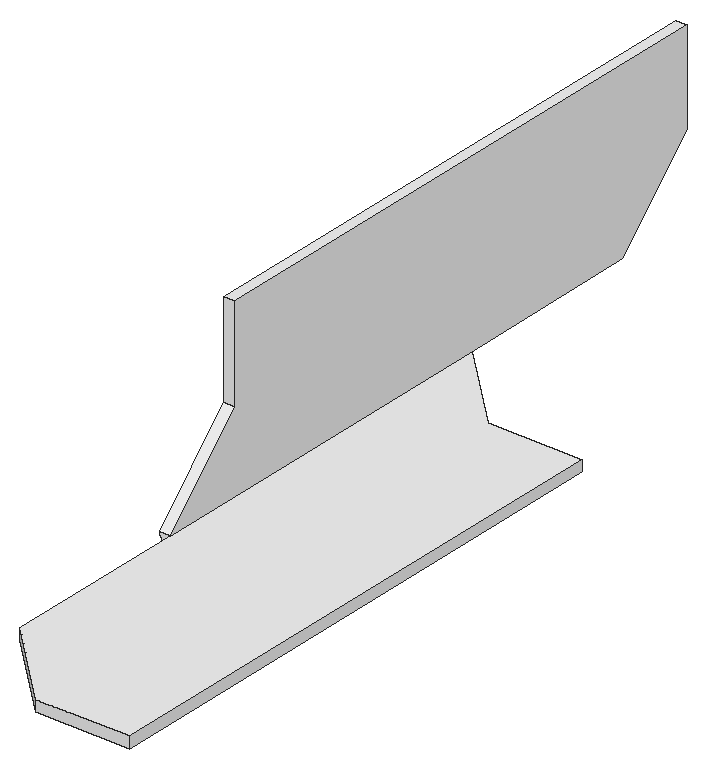
Revit family "JOMA_Takåsfäste Höger", category Structural Connections, host Face, Revit 2012 (continued)
Nested families
  nested 155: "Spikmönster" at (0, 147.5, 552) x (0, -1, 0) z (1, 0, 0), visible <- "Typ 210 Spikmönster", type "Ø5", not visible
  nested 156: "Spikmönster" at (0, 127.5, 552) x (0, -1, 0) z (1, 0, 0), visible <- "Typ 210 Spikmönster", type "Ø5", not visible
  nested 157: "Spikmönster" at (0, 117.5, 27) x (0, -1, 0) z (1, 0, 0), visible <- "Typ 250 Spikmönster", type "Ø5"
  nested 158: "Spikmönster" at (0, 97.5, 27) x (0, -1, 0) z (1, 0, 0), visible <- "Typ 250 Spikmönster", type "Ø5"
  nested 159: "Spikmönster" at (0, 77.5, 27) x (0, -1, 0) z (1, 0, 0), visible <- "Typ 250 Spikmönster", type "Ø5"
  nested 160: "Spikmönster" at (0, 57.5, 27) x (0, -1, 0) z (1, 0, 0), visible <- "Typ 250 Spikmönster", type "Ø5"
  nested 161: "Spikmönster" at (0, 37.5, 27) x (0, -1, 0) z (1, 0, 0), visible <- "Typ 250 Spikmönster", type "Ø5"
  nested 162: "Spikmönster" at (0, 107.5, 12) x (0, -1, 0) z (1, 0, 0), visible <- "Typ 250 Spikmönster", type "Ø5"
  nested 163: "Spikmönster" at (0, 87.5, 12) x (0, -1, 0) z (1, 0, 0), visible <- "Typ 250 Spikmönster", type "Ø5"
  nested 164: "Spikmönster" at (0, 67.5, 12) x (0, -1, 0) z (1, 0, 0), visible <- "Typ 250 Spikmönster", type "Ø5"
  nested 165: "Spikmönster" at (0, 47.5, 12) x (0, -1, 0) z (1, 0, 0), visible <- "Typ 250 Spikmönster", type "Ø5"
  nested 166: "Spikmönster" at (0, 177.5, 472) x (0, -1, 0) z (1, 0, 0), visible <- "Typ 250 Spikmönster", type "Ø5", not visible
  nested 167: "Spikmönster" at (0, 157.5, 472) x (0, -1, 0) z (1, 0, 0), visible <- "Typ 250 Spikmönster", type "Ø5", not visible
  nested 168: "Spikmönster" at (0, 137.5, 472) x (0, -1, 0) z (1, 0, 0), visible <- "Typ 250 Spikmönster", type "Ø5", not visible
  nested 169: "Spikmönster" at (0, 117.5, 472) x (0, -1, 0) z (1, 0, 0), visible <- "Typ 250 Spikmönster", type "Ø5", not visible
  nested 170: "Spikmönster" at (0, 97.5, 472) x (0, -1, 0) z (1, 0, 0), visible <- "Typ 250 Spikmönster", type "Ø5", not visible
  nested 171: "Spikmönster" at (0, 167.5, 457) x (0, -1, 0) z (1, 0, 0), visible <- "Typ 250 Spikmönster", type "Ø5", not visible
  nested 172: "Spikmönster" at (0, 147.5, 457) x (0, -1, 0) z (1, 0, 0), visible <- "Typ 250 Spikmönster", type "Ø5", not visible
  nested 173: "Spikmönster" at (0, 127.5, 457) x (0, -1, 0) z (1, 0, 0), visible <- "Typ 250 Spikmönster", type "Ø5", not visible
  nested 174: "Spikmönster" at (0, 107.5, 457) x (0, -1, 0) z (1, 0, 0), visible <- "Typ 250 Spikmönster", type "Ø5", not visible
  nested 175: "Spikmönster" at (0, 137.5, 27) x (0, -1, 0) z (1, 0, 0), visible <- "Typ 290 Spikmönster", type "Ø5"
  nested 176: "Spikmönster" at (0, 117.5, 27) x (0, -1, 0) z (1, 0, 0), visible <- "Typ 290 Spikmönster", type "Ø5"
  nested 177: "Spikmönster" at (0, 97.5, 27) x (0, -1, 0) z (1, 0, 0), visible <- "Typ 290 Spikmönster", type "Ø5"
  nested 178: "Spikmönster" at (0, 77.5, 27) x (0, -1, 0) z (1, 0, 0), visible <- "Typ 290 Spikmönster", type "Ø5"
  nested 179: "Spikmönster" at (0, 57.5, 27) x (0, -1, 0) z (1, 0, 0), visible <- "Typ 290 Spikmönster", type "Ø5"
  nested 180: "Spikmönster" at (0, 37.5, 27) x (0, -1, 0) z (1, 0, 0), visible <- "Typ 290 Spikmönster", type "Ø5"
  nested 181: "Spikmönster" at (0, 127.5, 12) x (0, -1, 0) z (1, 0, 0), visible <- "Typ 290 Spikmönster", type "Ø5"
  nested 182: "Spikmönster" at (0, 107.5, 12) x (0, -1, 0) z (1, 0, 0), visible <- "Typ 290 Spikmönster", type "Ø5"
  nested 183: "Spikmönster" at (0, 87.5, 12) x (0, -1, 0) z (1, 0, 0), visible <- "Typ 290 Spikmönster", type "Ø5"
  nested 184: "Spikmönster" at (0, 67.5, 12) x (0, -1, 0) z (1, 0, 0), visible <- "Typ 290 Spikmönster", type "Ø5"
  nested 185: "Spikmönster" at (0, 47.5, 12) x (0, -1, 0) z (1, 0, 0), visible <- "Typ 290 Spikmönster", type "Ø5"
  nested 186: "Spikmönster" at (0, 177.5, 312) x (0, -1, 0) z (1, 0, 0), visible <- "Typ 290 Spikmönster", type "Ø5", not visible
  nested 187: "Spikmönster" at (0, 157.5, 312) x (0, -1, 0) z (1, 0, 0), visible <- "Typ 290 Spikmönster", type "Ø5", not visible
  nested 188: "Spikmönster" at (0, 137.5, 312) x (0, -1, 0) z (1, 0, 0), visible <- "Typ 290 Spikmönster", type "Ø5", not visible
  nested 189: "Spikmönster" at (0, 117.5, 312) x (0, -1, 0) z (1, 0, 0), visible <- "Typ 290 Spikmönster", type "Ø5", not visible
  nested 190: "Spikmönster" at (0, 97.5, 312) x (0, -1, 0) z (1, 0, 0), visible <- "Typ 290 Spikmönster", type "Ø5", not visible
  nested 191: "Spikmönster" at (0, 77.5, 312) x (0, -1, 0) z (1, 0, 0), visible <- "Typ 290 Spikmönster", type "Ø5", not visible
  nested 192: "Spikmönster" at (0, 167.5, 297) x (0, -1, 0) z (1, 0, 0), visible <- "Typ 290 Spikmönster", type "Ø5", not visible
  nested 193: "Spikmönster" at (0, 147.5, 297) x (0, -1, 0) z (1, 0, 0), visible <- "Typ 290 Spikmönster", type "Ø5", not visible
  nested 194: "Spikmönster" at (0, 127.5, 297) x (0, -1, 0) z (1, 0, 0), visible <- "Typ 290 Spikmönster", type "Ø5", not visible
  nested 195: "Spikmönster" at (0, 107.5, 297) x (0, -1, 0) z (1, 0, 0), visible <- "Typ 290 Spikmönster", type "Ø5", not visible
  nested 196: "Spikmönster" at (0, 87.5, 297) x (0, -1, 0) z (1, 0, 0), visible <- "Typ 290 Spikmönster", type "Ø5", not visible
  nested 197: "Spikmönster" at (0, 157.5, 27) x (0, -1, 0) z (1, 0, 0), visible <- "Typ 330 Spikmönster", type "Ø5"
  nested 198: "Spikmönster" at (0, 137.5, 27) x (0, -1, 0) z (1, 0, 0), visible <- "Typ 330 Spikmönster", type "Ø5"
  nested 199: "Spikmönster" at (0, 117.5, 27) x (0, -1, 0) z (1, 0, 0), visible <- "Typ 330 Spikmönster", type "Ø5"
  nested 200: "Spikmönster" at (0, 97.5, 27) x (0, -1, 0) z (1, 0, 0), visible <- "Typ 330 Spikmönster", type "Ø5"
  nested 201: "Spikmönster" at (0, 77.5, 27) x (0, -1, 0) z (1, 0, 0), visible <- "Typ 330 Spikmönster", type "Ø5"
  nested 202: "Spikmönster" at (0, 57.5, 27) x (0, -1, 0) z (1, 0, 0), visible <- "Typ 330 Spikmönster", type "Ø5"
  nested 203: "Spikmönster" at (0, 37.5, 27) x (0, -1, 0) z (1, 0, 0), visible <- "Typ 330 Spikmönster", type "Ø5"
  nested 204: "Spikmönster" at (0, 147.5, 12) x (0, -1, 0) z (1, 0, 0), visible <- "Typ 330 Spikmönster", type "Ø5"
  nested 205: "Spikmönster" at (0, 127.5, 12) x (0, -1, 0) z (1, 0, 0), visible <- "Typ 330 Spikmönster", type "Ø5"
  nested 206: "Spikmönster" at (0, 107.5, 12) x (0, -1, 0) z (1, 0, 0), visible <- "Typ 330 Spikmönster", type "Ø5"
  nested 207: "Spikmönster" at (0, 87.5, 12) x (0, -1, 0) z (1, 0, 0), visible <- "Typ 330 Spikmönster", type "Ø5"
  nested 208: "Spikmönster" at (0, 67.5, 12) x (0, -1, 0) z (1, 0, 0), visible <- "Typ 330 Spikmönster", type "Ø5"
  nested 209: "Spikmönster" at (0, 47.5, 12) x (0, -1, 0) z (1, 0, 0), visible <- "Typ 330 Spikmönster", type "Ø5"
  nested 210: "Spikmönster" at (0, 177.5, 167) x (0, -1, 0) z (1, 0, 0), visible <- "Typ 330 Spikmönster", type "Ø5", not visible
  nested 211: "Spikmönster" at (0, 157.5, 167) x (0, -1, 0) z (1, 0, 0), visible <- "Typ 330 Spikmönster", type "Ø5", not visible
  nested 212: "Spikmönster" at (0, 137.5, 167) x (0, -1, 0) z (1, 0, 0), visible <- "Typ 330 Spikmönster", type "Ø5", not visible
  nested 213: "Spikmönster" at (0, 117.5, 167) x (0, -1, 0) z (1, 0, 0), visible <- "Typ 330 Spikmönster", type "Ø5", not visible
  nested 214: "Spikmönster" at (0, 97.5, 167) x (0, -1, 0) z (1, 0, 0), visible <- "Typ 330 Spikmönster", type "Ø5", not visible
  nested 215: "Spikmönster" at (0, 77.5, 167) x (0, -1, 0) z (1, 0, 0), visible <- "Typ 330 Spikmönster", type "Ø5", not visible
  nested 216: "Spikmönster" at (0, 57.5, 167) x (0, -1, 0) z (1, 0, 0), visible <- "Typ 330 Spikmönster", type "Ø5", not visible
  nested 217: "Spikmönster" at (0, 167.5, 152) x (0, -1, 0) z (1, 0, 0), visible <- "Typ 330 Spikmönster", type "Ø5", not visible
  nested 218: "Spikmönster" at (0, 147.5, 152) x (0, -1, 0) z (1, 0, 0), visible <- "Typ 330 Spikmönster", type "Ø5", not visible
  nested 219: "Spikmönster" at (0, 127.5, 152) x (0, -1, 0) z (1, 0, 0), visible <- "Typ 330 Spikmönster", type "Ø5", not visible
  nested 220: "Spikmönster" at (0, 107.5, 152) x (0, -1, 0) z (1, 0, 0), visible <- "Typ 330 Spikmönster", type "Ø5", not visible
  nested 221: "Spikmönster" at (0, 87.5, 152) x (0, -1, 0) z (1, 0, 0), visible <- "Typ 330 Spikmönster", type "Ø5", not visible
  nested 222: "Spikmönster" at (0, 67.5, 152) x (0, -1, 0) z (1, 0, 0), visible <- "Typ 330 Spikmönster", type "Ø5", not visible
  nested 223: "Spikmönster" at (0, 177.5, 27) x (0, -1, 0) z (1, 0, 0), visible <- "Typ 370 Spikmönster", type "Ø5"
  nested 224: "Spikmönster" at (0, 157.5, 27) x (0, -1, 0) z (1, 0, 0), visible <- "Typ 370 Spikmönster", type "Ø5"
  nested 225: "Spikmönster" at (0, 137.5, 27) x (0, -1, 0) z (1, 0, 0), visible <- "Typ 370 Spikmönster", type "Ø5"
  nested 226: "Spikmönster" at (0, 117.5, 27) x (0, -1, 0) z (1, 0, 0), visible <- "Typ 370 Spikmönster", type "Ø5"
  nested 227: "Spikmönster" at (0, 97.5, 27) x (0, -1, 0) z (1, 0, 0), visible <- "Typ 370 Spikmönster", type "Ø5"
  nested 228: "Spikmönster" at (0, 77.5, 27) x (0, -1, 0) z (1, 0, 0), visible <- "Typ 370 Spikmönster", type "Ø5"
  nested 229: "Spikmönster" at (0, 57.5, 27) x (0, -1, 0) z (1, 0, 0), visible <- "Typ 370 Spikmönster", type "Ø5"
  nested 230: "Spikmönster" at (0, 37.5, 27) x (0, -1, 0) z (1, 0, 0), visible <- "Typ 370 Spikmönster", type "Ø5"
  nested 231: "Spikmönster" at (0, 167.5, 12) x (0, -1, 0) z (1, 0, 0), visible <- "Typ 370 Spikmönster", type "Ø5"
  nested 232: "Spikmönster" at (0, 147.5, 12) x (0, -1, 0) z (1, 0, 0), visible <- "Typ 370 Spikmönster", type "Ø5"
  nested 233: "Spikmönster" at (0, 127.5, 12) x (0, -1, 0) z (1, 0, 0), visible <- "Typ 370 Spikmönster", type "Ø5"
  nested 234: "Spikmönster" at (0, 107.5, 12) x (0, -1, 0) z (1, 0, 0), visible <- "Typ 370 Spikmönster", type "Ø5"
  nested 235: "Spikmönster" at (0, 87.5, 12) x (0, -1, 0) z (1, 0, 0), visible <- "Typ 370 Spikmönster", type "Ø5"
  nested 236: "Spikmönster" at (0, 67.5, 12) x (0, -1, 0) z (1, 0, 0), visible <- "Typ 370 Spikmönster", type "Ø5"
  nested 237: "Spikmönster" at (0, 47.5, 12) x (0, -1, 0) z (1, 0, 0), visible <- "Typ 370 Spikmönster", type "Ø5"
  nested 238: "Spikmönster" at (0, 177.5, 27) x (0, -1, 0) z (1, 0, 0), visible <- "Typ 370 Spikmönster", type "Ø5", not visible
  nested 239: "Spikmönster" at (0, 157.5, 27) x (0, -1, 0) z (1, 0, 0), visible <- "Typ 370 Spikmönster", type "Ø5", not visible
  nested 240: "Spikmönster" at (0, 137.5, 27) x (0, -1, 0) z (1, 0, 0), visible <- "Typ 370 Spikmönster", type "Ø5", not visible
  nested 241: "Spikmönster" at (0, 117.5, 27) x (0, -1, 0) z (1, 0, 0), visible <- "Typ 370 Spikmönster", type "Ø5", not visible
  nested 242: "Spikmönster" at (0, 97.5, 27) x (0, -1, 0) z (1, 0, 0), visible <- "Typ 370 Spikmönster", type "Ø5", not visible
  nested 243: "Spikmönster" at (0, 77.5, 27) x (0, -1, 0) z (1, 0, 0), visible <- "Typ 370 Spikmönster", type "Ø5", not visible
  nested 244: "Spikmönster" at (0, 57.5, 27) x (0, -1, 0) z (1, 0, 0), visible <- "Typ 370 Spikmönster", type "Ø5", not visible
  nested 245: "Spikmönster" at (0, 37.5, 27) x (0, -1, 0) z (1, 0, 0), visible <- "Typ 370 Spikmönster", type "Ø5", not visible
  nested 246: "Spikmönster" at (0, 167.5, 12) x (0, -1, 0) z (1, 0, 0), visible <- "Typ 370 Spikmönster", type "Ø5", not visible
  nested 247: "Spikmönster" at (0, 147.5, 12) x (0, -1, 0) z (1, 0, 0), visible <- "Typ 370 Spikmönster", type "Ø5", not visible
  nested 248: "Spikmönster" at (0, 127.5, 12) x (0, -1, 0) z (1, 0, 0), visible <- "Typ 370 Spikmönster", type "Ø5", not visible
  nested 249: "Spikmönster" at (0, 107.5, 12) x (0, -1, 0) z (1, 0, 0), visible <- "Typ 370 Spikmönster", type "Ø5", not visible
  nested 250: "Spikmönster" at (0, 87.5, 12) x (0, -1, 0) z (1, 0, 0), visible <- "Typ 370 Spikmönster", type "Ø5", not visible
  nested 251: "Spikmönster" at (0, 67.5, 12) x (0, -1, 0) z (1, 0, 0), visible <- "Typ 370 Spikmönster", type "Ø5", not visible
  nested 252: "Spikmönster" at (0, 47.5, 12) x (0, -1, 0) z (1, 0, 0), visible <- "Typ 370 Spikmönster", type "Ø5", not visible
Definition of nested family "Spikmönster"
  Parameters (values of type "Ø11")
    Radie = 5.5 mm
  Types (3, lengths in mm): name | Radie
    (no name) | 5.5
    Ø5 | 2.5
    Ø11 | 5.5
  Reference planes
    plane 1 "Center (Front/Back)": y = 0
    plane 2: z = 0
    plane 3 "Center (Left/Right)": x = 0
  Lines and regions (mm)
    Filled region 1, type "Solid Fill - Black", in view "Ref. Level"
      outline origin (0, 0, 0) x (1, 0, 0) y (0, 1, 0)
        loop
          circle (0, 0) r 5.5
  Dimensions and locks
    "Radie": radius of Filled region 1 sketch curve
  Automatic sketch dimensions
    plane 1 "Center (Front/Back)" to Filled region 1 sketch curve = 0 mm
    Filled region 1 sketch curve to plane 3 "Center (Left/Right)" = 0 mm
Types (7, lengths in mm): name | Vikt | Typ 370 | Typ 330 | Typ 290 | Typ 250 | Typ 210 | Typ 170 | Typ | B | A
  (no name) | "0,10" | no | no | no | no | no | yes | "TYP 170" | 50 | 170
  580170H | "0,10" | no | no | no | no | no | yes | "TYP 170" | 50 | 170
  580210H | "0,14" | no | no | no | no | yes | no | "TYP 210" | 50 | 210
  580250H | "0,18" | no | no | no | yes | no | no | "TYP 250" | 50 | 250
  580290H | "0,22" | no | no | yes | no | no | no | "TYP 290" | 40 | 290
  580330H | "0,26" | no | yes | no | no | no | no | "TYP 330" | 40 | 330
  580370H | "0,30" | yes | no | no | no | no | no | "TYP 370" | 40 | 370
